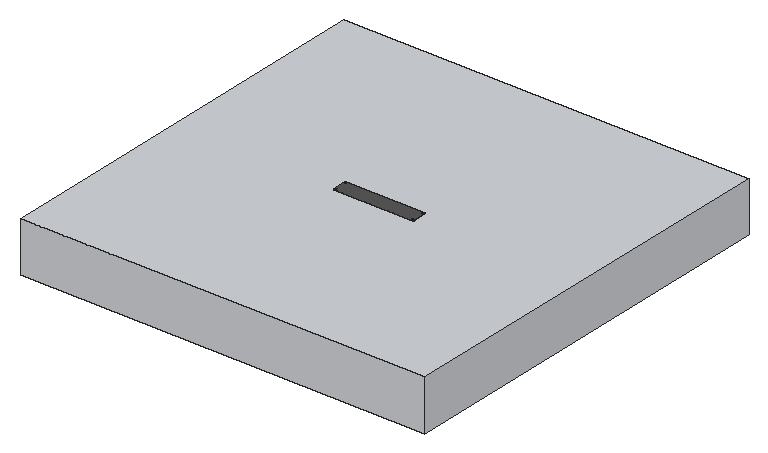
Revit family
Parameters
  Weight = 0.659 lbf
  U/M = "EA"
  U Space = "2"
  System = "Racks, Cable Mgt & RouteIT"
  Serial Number = "PNL-BLNK-2"
  Segment = "CSS"
  Ports = "0"
  Model = "RACK"
  Metal = none
  Manufacturer = "SIEMON"
  Loaded/Empty = "N/A"
  Item Group = "RACKS"
  Item Class = "1B"
  Description = "BLANK FILLER PANEL, 2 RMS"
  Default Elevation = 4' - 0"
  Color = "Black"
Reference planes (in)
  plane 1 "Center (Front/Back)": y = 0
  plane 2: z = 0
  plane 3 "Center (Left/Right)": x = 0
Forms (in)
  Extrusion 1, solid
    sketch origin (0, 0, 0) x (1, 0, 0) y (0, 1, 0)
      loop
        line (-48, 48) -> (-48, -48) -> (48, -48) -> (48, 48) -> (-48, 48)
    from 0 to -12
Dimensions and locks (in)
  aligned and locked: plane 2 to Extrusion 1
  aligned and locked: level to Extrusion 1
Nested families (in)
  nested 1: "PNL-BLNK-2[1]" at (0, -1.07768, -0.44934), type "PNL-BLNK-2[1]"
Definition of nested family "PNL-BLNK-2[1]"
  Parameters (values of type "PNL-BLNK-2[1]")
    Weight = "0.3 kgs (0.6 lbs)"
    UL Rating = "UL 1863"
    U Space / Capacity = "2U"
    Part Number = "PNL-BLNK-2"
    Material = Black Anodized Aluminum
    Manufacturer Contact Info / Website = "www.siemon.com"
    Manufacturer = "Siemon"
    Dimensions (H x W x D) = "89mm x 483mm x 2.54mm\r\n(3.5 in. x 19.0 in. x 0.1 in.)"
    Description = "Blank Filler Panel"
    "A" = "3.50"
  Reference planes (in)
    plane 1 "Center (Front/Back)": y = 1.07768
    plane 2: z = 0.44934
    plane 3 "Center (Left/Right)": x = 0
  Forms (in)
    Extrusion 1, solid, material "Black Anodized Aluminum" <- "Material"
      sketch origin (0, -0.44934, 0.44934) x (1, 0, 0) y (0, 1, 0)
        loop
          line (9.38, 1.745) -> (-9.38, 1.745)
          arc (-9.38, 1.745) -> (-9.46485, 1.70985) -> (-9.5, 1.625) r 0.12
          line (-9.5, 1.625) -> (-9.5, -1.625)
          arc (-9.5, -1.625) -> (-9.46485, -1.70985) -> (-9.38, -1.745) r 0.12
          line (-9.38, -1.745) -> (9.38, -1.745)
          arc (9.38, -1.745) -> (9.46485, -1.70985) -> (9.5, -1.625) r 0.12
          line (9.5, -1.625) -> (9.5, 1.625)
          arc (9.5, 1.625) -> (9.46485, 1.70985) -> (9.38, 1.745) r 0.12
        loop
          arc (-9.101, -1.64) -> (-8.961, -1.5) -> (-9.101, -1.36) r 0.14
          line (-9.101, -1.36) -> (-9.227, -1.36)
          arc (-9.227, -1.36) -> (-9.367, -1.5) -> (-9.227, -1.64) r 0.14
          line (-9.227, -1.64) -> (-9.101, -1.64)
        loop
          arc (-9.227, 1.64) -> (-9.367, 1.5) -> (-9.227, 1.36) r 0.14
          line (-9.227, 1.36) -> (-9.101, 1.36)
          arc (-9.101, 1.36) -> (-8.961, 1.5) -> (-9.101, 1.64) r 0.14
          line (-9.101, 1.64) -> (-9.227, 1.64)
        loop
          arc (9.101, 1.64) -> (8.961, 1.5) -> (9.101, 1.36) r 0.14
          line (9.101, 1.36) -> (9.227, 1.36)
          arc (9.227, 1.36) -> (9.367, 1.5) -> (9.227, 1.64) r 0.14
          line (9.227, 1.64) -> (9.101, 1.64)
        loop
          arc (9.101, -1.36) -> (8.961, -1.5) -> (9.101, -1.64) r 0.14
          line (9.101, -1.64) -> (9.227, -1.64)
          arc (9.227, -1.64) -> (9.367, -1.5) -> (9.227, -1.36) r 0.14
          line (9.227, -1.36) -> (9.101, -1.36)
      from 0 to 0.1
  Lines and regions (in)
    reference lines
      curve 1: line (-9.17188, 1.07768, 2.76157) -> (-9.17188, 1.07768, -3.53764)
      curve 2: line (9.17187, 1.07768, 2.76157) -> (9.17187, 1.07768, -3.53764)
      curve 3: line (-11.53408, 1.07768, 0.44934) -> (12.08797, 1.07768, 0.44934)
  Dimensions and locks (in)
    curve 1 to plane 3 "Center (Left/Right)" = 0' - 9 11/64"
    plane 3 "Center (Left/Right)" to curve 2 = 0' - 9 11/64"
